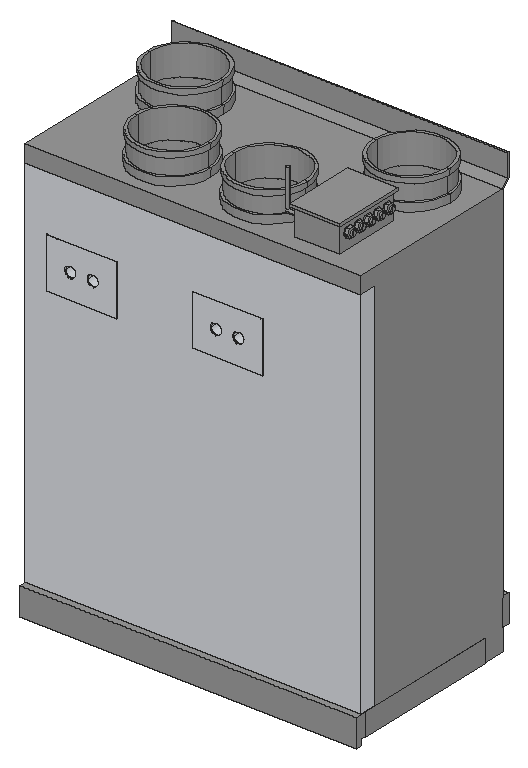
Revit family "Komfort Roto EC SK(S)(E) 200", category Mechanical Equipment, Revit 2021
Family settings
  Round Connector Dimension = Use Diameter
  Part Type = Normal
  OmniClass Number = 23.75.00.00
  OmniClass Title = Climate Control (HVAC)
  Work Plane-Based = No
  Always vertical = Yes
  Cut with Voids When Loaded = No
  Shared = No
  Room Calculation Point = No
Parameters (values of type "KOMFORT Roto EC SK(S) 200")
  Weight = 51.60 kg
  W = 599 mm
  Voltage = 230 V
  Sound pressure level at 3 m distance = "33 dBA"
  Pressure_Static_Air [instance] = 0.0 Pa
  Power = 171 W
  Number of Fase = 1
  Maximum Air Flow = 270.0 m³/h
  Maintenance zone material = none
  Load Classification = "HVAC"
  H = 792 mm
  Frequency = 60 Hz  # constant formula
  Filter = "G4"
  Default Elevation = 0 mm
  L = 338 mm
  D = 125 mm
  Casing Material = Сталь
  Amperage = 1.31 A
  Air Flow [instance] = 0.0 m³/h
  09_System_Name = ""
  00_20_Type = "KOMFORT Roto EC SK(S) 200"
  00_20_Name = "Single-room air handling unit with heat recovery"  # constant formula
  00_20_Manufacturer = "Blauberg"  # constant formula
Types (3, lengths in mm): name | Weight | Power | Casing Material | Amperage | 00_20_Type
  (no name) | 51.60 kg | 171 W | Сталь | 1.31 A | "KOMFORT Roto EC SK(S) 200"
  KOMFORT Roto EC SK(S) 200 | 51.60 kg | 171 W | Сталь | 1.31 A | "KOMFORT Roto EC SK(S) 200"
  KOMFORT Roto EC SK(S)(E) 200 | 52.60 kg | 871 W | Polypropylene (white) | 4.31 A | "KOMFORT Roto EC SK(S)(E) 200"
Reference planes
  plane 1 "Center (Front/Back)": y = 0
  plane 2: z = 0
  plane 3 "Center (Left/Right)": x = 0
  plane 4: z = 739
  plane 5: x = -299.5
  plane 6: x = 299.5
  plane 7: y = -328
  plane 8: z = 792
  plane 9: y = -338
  plane 10: y = -239
  plane 11: y = -88
  plane 12: x = -205.5
  plane 13: x = 197.5
  plane 14: x = -107.5
  plane 15: x = 65.5
  plane 16: y = -12
  plane 17: y = -52
  plane 18: y = -298
  plane 19: z = 40
  plane 20: z = 709
  plane 21: z = 90
Forms (mm)
  Extrusion 1, void
    sketch origin (-793.067, -1524, 739) x (0, -1, 0) y (-1, 0, 0)
      loop
        circle (-1436, -587.567) r 62.5
      loop
        circle (-1285, -685.567) r 62.5
      loop
        circle (-1285, -858.567) r 62.5
      loop
        circle (-1436, -990.567) r 62.5
    from 0 to 20
  Extrusion 2, solid, material "Сталь" <- "Casing Material"
    sketch origin (0, 0, 0) x (0, 1, 0) y (0, 0, 1)
      loop
        line (-12, 0) -> (-12, 739) -> (-328, 739) -> (-328, 709) -> (-298, 709) -> (-298, 40) -> (-52, 40) -> (-52, 0) -> (-12, 0)
    from -299.5 to 299.5
  Extrusion 3, solid, material "Сталь" <- "Casing Material"
    sketch origin (0, 0, 0) x (1, 0, 0) y (0, 0, 1)
      loop
        line (299.5, 90) -> (-299.5, 90) -> (-299.5, 40) -> (299.5, 40) -> (299.5, 90)
    from 0 to 12
Cuts and joins
  Extrusion 1 cuts Extrusion 2
Dimensions and locks
  "W": plane 6 to plane 5
  equal spacing: plane 6, plane 3 "Center (Left/Right)", plane 5
  "L": plane 1 "Center (Front/Back)" to plane 9
  locked: plane 8 to plane 4 at 53
  locked: plane 7 to plane 9 at 10
  plane 10 to plane 11 to plane 1 "Center (Front/Back)" = 151 mm, 88 mm
  plane 1 "Center (Front/Back)" to plane 16 = 12 mm
  plane 5 to plane 12 to plane 14 to plane 15 = 94 mm, 98 mm, 173 mm
  plane 12 to plane 13 = 403 mm
  "H": plane 8 to plane 2
  locked: plane 4 to plane 20 at 30
  aligned and locked: level to plane 2
  aligned and locked: nested 1 to plane 4
  aligned and locked: nested 2 to plane 11
  aligned and locked: nested 4 to plane 10
  aligned and locked: plane 15 to nested 3
  aligned and locked: plane 13 to nested 2
  aligned and locked: plane 14 to nested 4
  aligned and locked: plane 3 "Center (Left/Right)" to nested 5
  aligned and locked: nested 5 to plane 4  (x2)
  aligned and locked: plane 1 "Center (Front/Back)" to nested 5
  aligned and locked: Extrusion 1 sketch curve to nested 3
  aligned and locked: Extrusion 1 sketch curve to nested 1
  aligned and locked: Extrusion 1 sketch curve to nested 4
  aligned and locked: Extrusion 1 sketch curve to nested 2
  aligned and locked: nested 1 to plane 11
  aligned and locked: plane 12 to nested 1
  aligned and locked: nested 3 to plane 10
  aligned and locked: nested 4 to plane 4
  aligned and locked: nested 3 to plane 4
  aligned and locked: nested 2 to plane 4
  aligned and locked: plane 7 to Extrusion 2 sketch curve
  aligned and locked: plane 16 to Extrusion 2 sketch curve
  aligned and locked: plane 4 to Extrusion 2 sketch curve
  aligned and locked: Extrusion 2 sketch curve to plane 2
  aligned and locked: Extrusion 2 to plane 5
  aligned and locked: plane 6 to Extrusion 2
  aligned and locked: plane 16 to Extrusion 2
  aligned and locked: Extrusion 2 to plane 7
  aligned and locked: Extrusion 2 to plane 17
  aligned and locked: Extrusion 2 to plane 18
  aligned and locked: Extrusion 2 to plane 19
  aligned and locked: Extrusion 2 to plane 20
  aligned and locked: nested 6 to plane 19
  aligned and locked: plane 7 to nested 6
  aligned and locked: nested 7 to plane 9
  aligned and locked: nested 7 to plane 5
  aligned and locked: plane 6 to nested 7
  aligned and locked: plane 19 to nested 7
  aligned and locked: nested 7 to plane 17
  aligned and locked: plane 6 to nested 5
  aligned and locked: plane 5 to nested 5
  aligned and locked: Extrusion 3 sketch curve to plane 21
  aligned and locked: plane 19 to Extrusion 3 sketch curve
  aligned and locked: plane 5 to Extrusion 3 sketch curve
  aligned and locked: Extrusion 3 sketch curve to plane 6
  aligned and locked: Extrusion 3 to plane 16
  aligned and locked: Extrusion 3 to plane 1 "Center (Front/Back)"
  aligned and locked: Extrusion 3 to plane 5
  aligned and locked: plane 6 to Extrusion 3
  aligned and locked: nested 8 to plane 4
  aligned and locked: plane 8 to nested 8
  aligned and locked: plane 20 to nested 6
  aligned and locked: nested 6 to plane 6
  aligned and locked: nested 6 to plane 5
Automatic sketch dimensions
  Extrusion 2 sketch curve to plane 18 = 0 mm
  Extrusion 2 sketch curve to plane 17 = 0 mm
  Extrusion 2 sketch curve to plane 19 = 0 mm
  Extrusion 2 sketch curve to plane 20 = 0 mm
Nested families
  nested 1: "Ducts" at (-205.5, -88, 739), Material <- "Casing Material", type "Ducts"
    with Material Сталь
  nested 2: "Ducts" at (197.5, -88, 739), Material <- "Casing Material", type "Ducts"
    with Material Сталь
  nested 3: "Ducts" at (65.5, -239, 739), Material <- "Casing Material", type "Ducts"
    with Material Сталь
  nested 4: "Ducts" at (-107.5, -239, 739), Material <- "Casing Material", type "Ducts"
    with Material Сталь
  nested 5: "Bracket up" at (0, 0, 739), W <- "W", Material <- "Casing Material", type "Bracket up"
    with W 599 mm, Material Сталь
  nested 6: "Plate (front)" at (0, -328, 40) x (-1, 0, 0) z (0, 0, 1), type "Plate (front)"
    with W 599 mm, H 669 mm, D 29 mm
  nested 7: "Plate (down)" at (0, -52, 0), Material <- "Casing Material", type "Plate (down)"
    with W 599 mm, Material Сталь, H 40 mm, D 286 mm
  nested 8: "control unit" at (197.5, -239, 739), Material <- "Casing Material", type "control unit"
    with W 90 mm, built-in parameter 1140142 -1, Material Сталь, built-in parameter 1140140 1 (stored number, unit not read), H 53 mm, built-in parameter 1155100 -1, D 130 mm
Connectors
  hvac at (-205.5, -88, 792), driven by "D"
    settings: on nested 1, index 1, duct flow 0.0 m³/h, flow factor 0, pres drop 0.0 Pa, loss coef 0, conn angle 0.00°, conn width 160 mm, conn height 160 mm, conn diameter 125 mm, duct sys type 1, conn prof type 0, flow config 0, flow direction 1, loss method 0, conn ref index -1, conn util no, is conn primary yes, conn desc ""
  hvac at (-107.5, -239, 792), driven by "D"
    settings: on nested 4, index 2, duct flow 0.0 m³/h, flow factor 0, pres drop 0.0 Pa, loss coef 0, conn angle 0.00°, conn width 304.8 mm, conn height 304.8 mm, conn diameter 125 mm, duct sys type 1, conn prof type 0, flow config 0, flow direction 2, loss method 0, conn ref index -1, conn util no, is conn primary no, conn desc ""
  hvac at (65.5, -239, 792), driven by "D"
    settings: on nested 3, index 3, duct flow 0.0 m³/h, flow factor 0, pres drop 0.0 Pa, loss coef 0, conn angle 0.00°, conn width 304.8 mm, conn height 304.8 mm, conn diameter 125 mm, duct sys type 3, conn prof type 0, flow config 0, flow direction 1, loss method 0, conn ref index -1, conn util no, is conn primary no, conn desc ""
  hvac at (197.5, -88, 792), driven by "D"
    settings: on nested 2, index 4, duct flow 0.0 m³/h, flow factor 0, pres drop 0.0 Pa, loss coef 0, conn angle 0.00°, conn width 304.8 mm, conn height 304.8 mm, conn diameter 125 mm, duct sys type 3, conn prof type 0, flow config 0, flow direction 2, loss method 0, conn ref index -1, conn util no, is conn primary no, conn desc ""
  electrical at (246.875, -195.667, 769), driven by "Voltage", driven by "Power"
    settings: on nested 8, index 5, voltage 230 V, apparent load 0 VA, apparent load phase1 171 VA, apparent load phase2 0 VA, apparent load phase3 0 VA, power factor 1, load classification "Other", number of poles 1, system type 31, power factor state 1, is connector primary yes, connector utility no, sub classification motor no, connector description ""
Definition of nested family "Ducts"
  Parameters (values of type "Ducts")
    Material [instance] = none
    Default Elevation = 0 mm
  Reference planes
    plane 1 "Center (Front/Back)": y = 0
    plane 2: z = 0
    plane 3 "Center (Left/Right)": x = 0
    plane 4: z = 53
  Forms (mm)
    Revolve 1, solid, material <- "Material"
      sketch origin (-386.311, 0, 320) x (-1, 0, 0) y (0, 0, 1)
        loop
          line (-453.811, -267) -> (-453.811, -276.044) -> (-451.121, -276.044) -> (-451.121, -305.619) -> (-455.467, -305.619) -> (-455.467, -320) -> (-448.811, -320) -> (-448.811, -267) -> (-453.811, -267)
        axis (-386.311, -320) -> (-386.311, -267)
      angle from 0 to 360
  Dimensions and locks
    aligned and locked: level to plane 2
    aligned and locked: Revolve 1 to plane 2
    aligned and locked: Revolve 1 to plane 4
Definition of nested family "Bracket up"
  Parameters (values of type "Bracket up")
    W [instance] = 900 mm
    Material [instance] = none
    Default Elevation = 0 mm
  Reference planes
    plane 1 "Center (Front/Back)": y = 0
    plane 2: z = 0
    plane 3 "Center (Left/Right)": x = 0
    plane 4: y = -12
    plane 5: z = 53
    plane 6: x = -450
    plane 7: x = 450
  Forms (mm)
    Extrusion 1, solid, material <- "Material"
      sketch origin (0, 0, 0) x (0, 1, 0) y (0, 0, 1)
        loop
          line (0, 53) -> (-1, 53) -> (-1, 12.414) -> (-13.414, 0) -> (-12, 0) -> (0, 12) -> (0, 53)
      from -450 to 450
  Dimensions and locks
    "W": plane 6 to plane 7
    equal spacing: plane 6, plane 3 "Center (Left/Right)", plane 7
    aligned and locked: level to plane 2
    aligned and locked: plane 7 to Extrusion 1
    aligned and locked: Extrusion 1 to plane 6
  Automatic sketch dimensions
    Extrusion 1 sketch curve to level = 0 mm
    Extrusion 1 sketch curve to plane 4 = 0 mm
    Extrusion 1 sketch curve to plane 5 = 0 mm
    Extrusion 1 sketch curve to plane 1 "Center (Front/Back)" = 0 mm
    plane 4 to Extrusion 1 sketch curve = 1.414 mm
    plane 1 "Center (Front/Back)" to Extrusion 1 sketch curve = 1 mm
    level to Extrusion 1 sketch curve = 12 mm
    Extrusion 1 sketch curve to Extrusion 1 sketch curve = 0.414 mm
Definition of nested family "Plate (front)"
  Parameters (values of type "Plate (front)")
    W [instance] = 599 mm
    Material [instance] = none
    H [instance] = 699 mm
    Default Elevation = 0 mm
    D [instance] = 30 mm
  Reference planes
    plane 1 "Center (Front/Back)": y = 0
    plane 2: z = 0
    plane 3 "Center (Left/Right)": x = 0
    plane 4: x = -299.5
    plane 5: x = 299.5
    plane 6: y = -30
    plane 7: z = 699
  Forms (mm)
    Extrusion 1, solid, material <- "Material"
      sketch origin (0, 0, 0) x (1, 0, 0) y (0, 1, 0)
        loop
          line (-299.5, 0) -> (-299.5, -30) -> (299.5, -30) -> (299.5, 0) -> (-299.5, 0)
      from 0 to 698
    Extrusion 2, solid, material <- "Material"
      sketch origin (0, 0, 0) x (1, 0, 0) y (0, 0, 1)
        loop
          line (259.5, 569) -> (134.5, 569) -> (134.5, 479) -> (259.5, 479) -> (259.5, 569)
      from 0 to -1
    Extrusion 3, void
      sketch origin (0, 0, 0) x (1, 0, 0) y (0, 0, 1)
        loop
          circle (217, 524) r 10
        loop
          circle (177, 524) r 10
      from -1 to 30 <- "D"
    Extrusion 4, solid, material <- "Material", not visible
      sketch origin (0, 0, 0) x (1, 0, 0) y (0, 0, 1)
        loop
          line (259.5, 569) -> (134.5, 569) -> (134.5, 479) -> (259.5, 479) -> (259.5, 569)
      from 0 to -1
    Extrusion 5, void, not visible
      sketch origin (0, 0, 0) x (1, 0, 0) y (0, 0, 1)
        loop
          circle (217, 524) r 10
        loop
          circle (177, 524) r 10
      from -1 to 30 <- "D"
    Extrusion 6, solid, material <- "Material"
      sketch origin (-259.5, 0, 0) x (1, 0, 0) y (0, 0, 1)
        loop
          line (259.5, 569) -> (134.5, 569) -> (134.5, 479) -> (259.5, 479) -> (259.5, 569)
      from 0 to -1
    Extrusion 7, void
      sketch origin (-259.5, 0, 0) x (1, 0, 0) y (0, 0, 1)
        loop
          circle (217, 524) r 10
        loop
          circle (177, 524) r 10
      from -1 to 30 <- "D"
  Cuts and joins
    Extrusion 3, Extrusion 7 cuts Extrusion 1
    Extrusion 3, Extrusion 7 cuts Extrusion 2
    Extrusion 7 cuts Extrusion 6
  Dimensions and locks
    equal spacing: plane 4, plane 3 "Center (Left/Right)", plane 5
    "W": plane 4 to plane 5
    "H": plane 7 to plane 2
    "D": plane 6 to plane 1 "Center (Front/Back)"
    locked: plane 7 to cut or joined group of Extrusion 1, Extrusion 3, Extrusion 7 at 1
    aligned and locked: level to plane 2
    aligned and locked: plane 5 to Extrusion 1
    aligned and locked: Extrusion 1 to plane 4
    aligned and locked: Extrusion 1 to plane 6
    aligned and locked: cut or joined group of Extrusion 1, Extrusion 3, Extrusion 7 to plane 6
  Automatic sketch dimensions
    Extrusion 2 sketch curve to Extrusion 2 sketch curve = 90 mm
    Extrusion 3 sketch curve to Extrusion 3 sketch curve = 40 mm
    Extrusion 3 sketch curve to Extrusion 3 sketch curve = 0 mm
    Extrusion 2 sketch curve to Extrusion 2 sketch curve = 125 mm
    Extrusion 4 sketch curve to Extrusion 4 sketch curve = 90 mm
    Extrusion 5 sketch curve to Extrusion 5 sketch curve = 40 mm
    Extrusion 5 sketch curve to Extrusion 5 sketch curve = 0 mm
    Extrusion 4 sketch curve to Extrusion 4 sketch curve = 125 mm
    Extrusion 6 sketch curve to Extrusion 6 sketch curve = 90 mm
    Extrusion 7 sketch curve to Extrusion 7 sketch curve = 40 mm
    Extrusion 7 sketch curve to Extrusion 7 sketch curve = 0 mm
    Extrusion 6 sketch curve to Extrusion 6 sketch curve = 125 mm
    Extrusion 1 sketch curve to plane 4 = 0 mm
    Extrusion 1 sketch curve to plane 5 = 0 mm
    Extrusion 1 sketch curve to plane 6 = 0 mm
    plane 1 "Center (Front/Back)" to Extrusion 1 sketch curve = 0 mm
    radius of Extrusion 3 sketch curve = 10 mm  (x2)
    radius of Extrusion 5 sketch curve = 10 mm  (x2)
    radius of Extrusion 7 sketch curve = 10 mm  (x2)
Definition of nested family "Plate (down)"
  Parameters (values of type "Plate (down)")
    W [instance] = 599 mm
    Material [instance] = none
    H [instance] = 40 mm
    Default Elevation = 0 mm
    D [instance] = 286 mm
  Reference planes
    plane 1 "Center (Front/Back)": y = 0
    plane 2: z = 0
    plane 3 "Center (Left/Right)": x = 0
    plane 4: x = -299.5
    plane 5: x = 299.5
    plane 6: y = -266
    plane 7: z = 40
    plane 8: y = -286
  Forms (mm)
    Extrusion 1, solid, material <- "Material"
      sketch origin (0, -1, 0) x (1, 0, 0) y (0, 1, 0)
        loop
          line (-299.5, 0) -> (-299.5, -265) -> (299.5, -265) -> (299.5, 0) -> (-299.5, 0)
      from 0 to 39
    Extrusion 2, solid, material <- "Material"
      sketch origin (0, 0, 0) x (0, 1, 0) y (0, 0, 1)
        loop
          line (-267, 39) -> (-286, 39) -> (-286, -10) -> (-276, -10) -> (-276, 0) -> (-267, 0) -> (-267, 39)
      from -299.5 to 299.5
    Extrusion 3, void
      sketch origin (0, 0, 0) x (1, 0, 0) y (0, 1, 0)
        loop
          line (-249.5, -1) -> (-249.5, -100) -> (249.5, -100) -> (249.5, -1) -> (-249.5, -1)
        loop
          circle (-159.5, -50.5) r 45
        loop
          circle (-159.5, -50.5) r 30
        loop
          circle (159.5, -50.5) r 45
        loop
          circle (159.5, -50.5) r 30
      from 0 to 5
    Extrusion 4, void
      sketch origin (0, 0, 0) x (1, 0, 0) y (0, 1, 0)
        loop
          line (-249.5, -100) -> (-249.5, -266) -> (249.5, -266) -> (249.5, -100) -> (-249.5, -100)
      from 0 to 10
    Extrusion 5, solid, material <- "Material"
      sketch origin (0, 0, 0) x (1, 0, 0) y (0, 1, 0)
        loop
          line (-249.5, -100) -> (-249.5, -266) -> (249.5, -266) -> (249.5, -100) -> (-249.5, -100)
        loop
          line (-244.5, -105) -> (-244.5, -145) -> (-194.5, -145) -> (-194.5, -221) -> (-244.5, -221) -> (-244.5, -261) -> (244.5, -261) -> (244.5, -105) -> (-244.5, -105)
        loop
          line (-234.5, -165) -> (-234.5, -201) -> (-214.5, -201) -> (-214.5, -165) -> (-234.5, -165)
      from 5 to 10
  Cuts and joins
    Extrusion 3, Extrusion 4 cuts Extrusion 1
  Dimensions and locks
    equal spacing: plane 4, plane 3 "Center (Left/Right)", plane 5
    "W": plane 4 to plane 5
    "H": plane 7 to plane 2
    "D": plane 8 to plane 1 "Center (Front/Back)"
    locked: Extrusion 2 sketch curve to plane 2 at 10
    locked: Extrusion 2 sketch curve to plane 8 at 19
    locked: plane 6 to plane 8 at 20
    locked: Extrusion 1 to plane 1 "Center (Front/Back)" at 1
    locked: plane 7 to Extrusion 2 at 1
    Extrusion 3 sketch curve to plane 5 = 50 mm
    plane 4 to Extrusion 3 sketch curve = 50 mm
    plane 1 "Center (Front/Back)" to Extrusion 3 sketch curve = 100 mm
    locked: plane 4 to Extrusion 4 sketch curve at 50
    locked: Extrusion 4 sketch curve to plane 5 at 50
    aligned and locked: level to plane 2
    aligned and locked: plane 5 to Extrusion 1
    aligned and locked: Extrusion 1 to plane 4
    aligned and locked: Extrusion 1 to plane 6
    aligned and locked: plane 5 to Extrusion 2
    aligned and locked: Extrusion 2 to plane 4
    aligned and locked: Extrusion 2 to Extrusion 1
    aligned and locked: plane 6 to Extrusion 4 sketch curve
    aligned and locked: Extrusion 4 to Extrusion 3
    aligned and locked: plane 6 to Extrusion 5 sketch curve
    aligned and locked: Extrusion 5 to cut or joined group of Extrusion 1, Extrusion 3, Extrusion 4
  Automatic sketch dimensions
    Extrusion 1 sketch curve to plane 4 = 0 mm
    Extrusion 1 sketch curve to plane 5 = 0 mm
    Extrusion 1 sketch curve to plane 6 = 0 mm
    plane 1 "Center (Front/Back)" to Extrusion 1 sketch curve = 1 mm
    Extrusion 2 sketch curve to plane 7 = 1 mm
    Extrusion 2 sketch curve to plane 8 = 0 mm
    Extrusion 2 sketch curve to level = 0 mm
    plane 8 to Extrusion 2 sketch curve = 10 mm
    Extrusion 3 sketch curve to Extrusion 3 sketch curve = 0 mm  (x4)
    plane 1 "Center (Front/Back)" to Extrusion 3 sketch curve = 50.5 mm  (x2)
    Extrusion 3 sketch curve to Extrusion 3 sketch curve = 90 mm  (x2)
    plane 1 "Center (Front/Back)" to Extrusion 3 sketch curve = 1 mm
    plane 1 "Center (Front/Back)" to Extrusion 4 sketch curve = 100 mm
    plane 4 to Extrusion 5 sketch curve = 50 mm
    Extrusion 5 sketch curve to Extrusion 5 sketch curve = 5 mm  (x4)
    Extrusion 5 sketch curve to Extrusion 5 sketch curve = 20 mm  (x4)
    Extrusion 5 sketch curve to plane 5 = 55 mm
    plane 6 to Extrusion 5 sketch curve = 5 mm
    plane 6 to Extrusion 5 sketch curve = 45 mm
    Extrusion 5 sketch curve to Extrusion 5 sketch curve = 36 mm
    plane 1 "Center (Front/Back)" to Extrusion 5 sketch curve = 105 mm
    Extrusion 5 sketch curve to Extrusion 5 sketch curve = 10 mm
    radius of Extrusion 3 sketch curve = 45 mm  (x2)
    radius of Extrusion 3 sketch curve = 30 mm  (x2)
Definition of nested family "control unit"
  Parameters (values of type "control unit")
    W [instance] = 90 mm
    built-in parameter 1140142 [instance] = -1
    Material [instance] = none
    built-in parameter 1140140 [instance] = 1 (stored number, unit not read)
    H [instance] = 53 mm
    built-in parameter 1155100 [instance] = -1
    Default Elevation = 0 mm
    D [instance] = 130 mm
  Reference planes
    plane 1 "Center (Front/Back)": y = 0
    plane 2: z = 0
    plane 3 "Center (Left/Right)": x = 0
    plane 4: y = 65
    plane 5: x = -45
    plane 6: y = -65
    plane 7: x = 45
    plane 8: z = 53
    plane 9: z = 48
    plane 10: y = -50
    plane 11: y = 43.333
    plane 12: z = 30
    plane 13: x = 40
    plane 14: x = -60
    plane 15: y = -43.333
    plane 16: y = -21.667
    plane 17: y = 21.667
  Forms (mm)
    Extrusion 1, solid, material <- "Material"
      sketch origin (0, 0, 0) x (1, 0, 0) y (0, 1, 0)
        loop
          line (-45, 65) -> (-45, -65) -> (45, -65) -> (45, 65) -> (-45, 65)
      from 48 to 53
    Extrusion 2, solid, material <- "Material"
      sketch origin (0, 0, 0) x (1, 0, 0) y (0, 1, 0)
        loop
          line (-40, 60) -> (-40, -60) -> (40, -60) -> (40, 60) -> (-40, 60)
      from 0 to 48
    Extrusion 3, solid, material <- "Material"
      sketch origin (-60, -98.002, 1201.262) x (0, -1, 0) y (0, 0, -1)
        loop
          circle (-48.002, 1171.262) r 3
      from 20 to 0
    Extrusion 4, solid, material <- "Material"
      sketch origin (0, 0, 0) x (-1, 0, 0) y (0, -1, 0)
        loop
          circle (60, 50) r 3
      from 35 to 100
  Dimensions and locks
    "W": plane 5 to plane 7
    equal spacing: plane 5, plane 3 "Center (Left/Right)", plane 7
    equal spacing: plane 4, plane 1 "Center (Front/Back)", plane 6
    "D": plane 4 to plane 6
    "H": plane 8 to plane 2
    locked: plane 8 to plane 9 at 5
    locked: Extrusion 1 to Extrusion 2 sketch curve at 5
    locked: Extrusion 2 sketch curve to plane 7 at 5
    locked: Extrusion 2 sketch curve to plane 4 at 5
    locked: Extrusion 2 sketch curve to plane 6 at 5
    plane 10 to plane 6 = 15 mm
    plane 2 to plane 12 = 30 mm
    locked: plane 7 to plane 13 at 5
    plane 4 to plane 11 to plane 17 to plane 1 "Center (Front/Back)" to plane 16 to plane 15 to plane 6 = 21.667 mm, 21.667 mm, 21.667 mm, 21.667 mm, 21.667 mm, 21.667 mm
    aligned and locked: level to plane 2
    aligned and locked: Extrusion 1 sketch curve to plane 4
    aligned and locked: plane 5 to Extrusion 1 sketch curve
    aligned and locked: plane 6 to Extrusion 1 sketch curve
    aligned and locked: Extrusion 1 sketch curve to plane 7
    aligned and locked: plane 8 to Extrusion 1
    aligned and locked: Extrusion 1 to plane 9
    aligned and locked: plane 9 to Extrusion 2
    aligned and locked: Extrusion 2 to plane 2
    aligned and locked: nested 1 to plane 12
    aligned and locked: nested 4 to plane 12
    aligned and locked: nested 3 to plane 12
    aligned and locked: nested 2 to plane 12
    aligned and locked: plane 14 to Extrusion 3
    aligned and locked: Extrusion 3 to Extrusion 2
    aligned and locked: plane 13 to nested 5
    aligned and locked: plane 1 "Center (Front/Back)" to nested 2
    aligned and locked: nested 5 to plane 17
    aligned and locked: nested 3 to plane 16
    aligned and locked: nested 4 to plane 15
  Automatic sketch dimensions
    Extrusion 3 sketch curve to plane 10 = 0 mm
    plane 12 to Extrusion 3 sketch curve = 0 mm
    Extrusion 4 sketch curve to plane 10 = 0 mm
    Extrusion 4 sketch curve to plane 14 = 0 mm
    radius of Extrusion 3 sketch curve = 3 mm
    radius of Extrusion 4 sketch curve = 3 mm
  Nested families
    nested 1: "Сonnector" at (40, 43.333, 30), type "16"
    nested 2: "Сonnector" at (40, 0, 30), type "16"
    nested 3: "Сonnector" at (40, -21.667, 30), type "16"
    nested 4: "Сonnector" at (40, -43.333, 30), type "16"
    nested 5: "Сonnector" at (40, 21.667, 30), type "16"
  Definition of nested family "Сonnector"
    Parameters (values of type "10")
      r1 = r / 1.3333  # 3.75 mm
      r = 5 mm
      h3 = H / 3.2  # 2.812 mm
      h1 = H / 1.28  # 7.031 mm
      h4 = H / 6.4  # 1.406 mm
      H = 9 mm
      Default Elevation = 1219.2 mm
      A = 2 * r * tan(30.00°)  # 5.774 mm
    Types (2, lengths in mm): name | r1 | r | h3 | h1 | h4 | H | A
      10 | 3.75 | 5 | 2.812 | 7.031 | 1.406 | 9 | 5.774
      16 | 6 | 8 | 3.75 | 9.375 | 1.875 | 12 | 9.238
    Reference planes
      plane 1 "По центру (Вперед/Назад)": y = 0
      plane 2: z = 0
      plane 3 "По центру (Влево/Вправо)": x = 0
    Forms (mm)
      Extrusion 1, solid
        sketch origin (-1.583, 0, 129.783) x (0, 0, 1) y (0, -1, 0)
          loop
            line (-129.783, -5.774) -> (-124.783, -2.887) -> (-124.783, 2.887) -> (-129.783, 5.774) -> (-134.783, 2.887) -> (-134.783, -2.887) -> (-129.783, -5.774)
        from 1.583 to 2.989
      Extrusion 2, solid
        sketch origin (0, 0, 129.783) x (0, 0, 1) y (0, -1, 0)
          loop
            circle (-129.783, 0) r 3.75
        from 1.406 to 2.812
      Extrusion 3, solid
        sketch origin (14.25, 0, 129.783) x (0, 0, 1) y (0, -1, 0)
          loop
            line (-129.783, -5.774) -> (-124.783, -2.887) -> (-124.783, 2.887) -> (-129.783, 5.774) -> (-134.783, 2.887) -> (-134.783, -2.887) -> (-129.783, -5.774)
        from -11.438 to -7.219
      Revolve 4, solid
        sketch origin (-5.678, 0, 129.783) x (0, 0, 1) y (-1, 0, 0)
          loop
            line (-126.033, -12.709) -> (-129.783, -12.709) -> (-129.783, -14.678) -> (-127.033, -14.678)
            arc (-127.033, -14.678) -> (-126.326, -14.385) -> (-126.033, -13.678) r 1
            line (-126.033, -13.678) -> (-126.033, -12.709)
          axis (-129.783, -14.678) -> (-129.783, -12.709)
        angle from 0 to 360
    Dimensions and locks
      "A": Extrusion 3 sketch curve to Extrusion 3 sketch curve  (x6)
      equal spacing: Extrusion 3 sketch curve, plane 1 "По центру (Вперед/Назад)", Extrusion 3 sketch curve  (x2)
      "A": Extrusion 3 sketch curve to plane 1 "По центру (Вперед/Назад)" to Extrusion 3 sketch curve
      "A": Extrusion 1 sketch curve to Extrusion 1 sketch curve  (x6)
      "A": Extrusion 1 sketch curve to plane 1 "По центру (Вперед/Назад)" to Extrusion 1 sketch curve
      "h4": plane 3 "По центру (Влево/Вправо)" to Extrusion 1
      "h4": plane 3 "По центру (Влево/Вправо)" to Extrusion 2
      "h3": plane 3 "По центру (Влево/Вправо)" to Extrusion 2
      "h3": plane 3 "По центру (Влево/Вправо)" to Extrusion 3
      "h1": plane 3 "По центру (Влево/Вправо)" to Extrusion 3
      "H": Revolve 4 sketch curve to plane 3 "По центру (Влево/Вправо)"
      "h1": plane 3 "По центру (Влево/Вправо)" to Revolve 4 sketch curve
      "r1": plane 2 to Revolve 4 sketch curve
      "r1": radius of Extrusion 2 sketch curve
      aligned and locked: level to plane 2
      aligned and locked: Extrusion 2 to Extrusion 1
      aligned and locked: Extrusion 3 to Extrusion 2
    Automatic sketch dimensions
      Extrusion 1 sketch curve to level = 0 mm  (x2)
      Extrusion 2 sketch curve to level = 0 mm
      Extrusion 2 sketch curve to plane 1 "По центру (Вперед/Назад)" = 0 mm
      Extrusion 3 sketch curve to level = 0 mm
      Revolve 4 sketch curve to level = 0 mm  (x2)
      Revolve 4 sketch curve to plane 3 "По центру (Влево/Вправо)" = 0 mm
      Revolve 4 sketch curve to Revolve 4 sketch curve = 1 mm
      Revolve 4 sketch curve to Revolve 4 sketch curve = 0.85 mm
